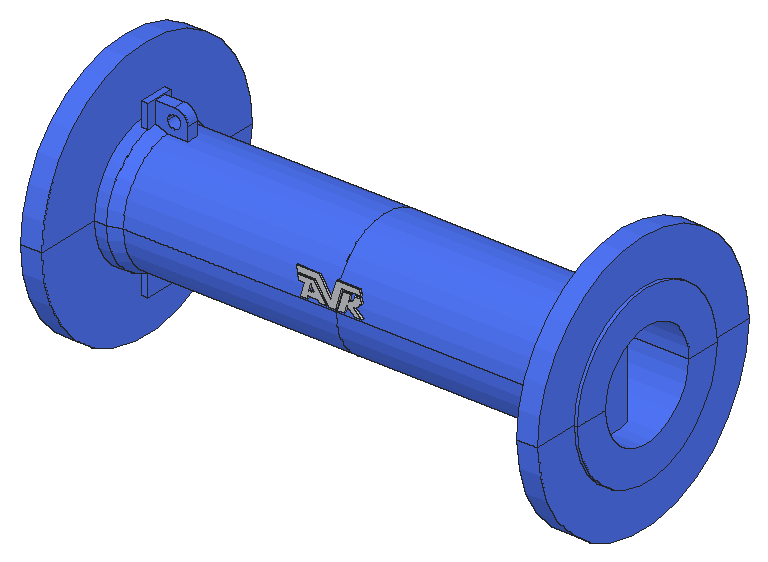
Revit family "712-4620-001-DN80-150", category Pipe Accessories, Revit 2019
Family settings
  Round Connector Dimension = Use Diameter
  Part Type = Valve - Breaks Into
  Work Plane-Based = No
  Always vertical = Yes
  Cut with Voids When Loaded = No
  Shared = No
Parameters (values of type "DN080_PN10/16")
  Search_Table = "712-4620-001-DN80-150"
  Rf_Dia = size_lookup(Search_Table, "Rf_Dia", 0 mm, [Nominal Diameter (DN)]) / 2  # 66 mm
  RF_Thick = 3 mm  # constant formula
  L = 400 mm  # constant formula
  ID(Radius) = [Nominal Diameter (DN)] / 2  # 40 mm
  Flange_thickness = size_lookup(Search_Table, "Flange_thickness", 0 mm, [Nominal Diameter (DN)])  # 19 mm
  Nominal Diameter (DN) = 80 mm
  FOD = size_lookup(Search_Table, "FOD", 0 mm, [Nominal Diameter (DN)]) / 2  # 100 mm
  URL product pages = "https://www.avkvalves.com/P.aspx?no=712008046201"
  Description_ = "AVK FLANGED PIPE W/LOOSE FLANGES"
  DN150_PN10/16 = "712-0150-46-201"
  DN100_PN10/16 = "712-0100-46-201"
  DN080_PN10/16 = "712-0080-46-201"
  Body_wallthickness = 10 mm  # constant formula
Types (4, lengths in mm): name | Rf_Dia | ID(Radius) | Flange_thickness | Nominal Diameter (DN) | FOD
  (no name) | 66 | 40 | 19 | 80 | 100
  DN080_PN10/16 | 66 | 40 | 19 | 80 | 100
  DN100_PN10/16 | 78 | 50 | 19 | 100 | 110
  DN150_PN10/16 | 105.5 | 75 | 20 | 150 | 142.5
Reference planes
  plane 1 "Center (Front/Back)": y = 0
  plane 2: z = 0
  plane 3 "Center (Left/Right)": x = 0
  plane 4: y = 40
  plane 5: x = -200
  plane 6: x = -181
  plane 7: x = 181
  plane 8: x = 200
  plane 9: y = 50
  plane 10: y = 100
Forms (mm)
  Revolve 1, solid, material "Plastic"
    sketch origin (0, 0, 0) x (1, 0, 0) y (0, 1, 0)
      loop
        line (-181, 100) -> (-200, 100) -> (-200, 40) -> (200, 40) -> (200, 100) -> (181, 100) -> (181, 50) -> (171, 50) -> (161.603, 46.58) -> (0, 46.58) -> (-161.603, 46.58) -> (-171, 50) -> (-181, 50) -> (-181, 100)
      axis (-200, 0) -> (200, 0)
    angle from 0 to 360
  Revolve 2, void
    sketch origin (0, 0, 0) x (1, 0, 0) y (0, 1, 0)
      loop
        line (200, 100) -> (197, 100) -> (197, 66) -> (200, 66) -> (200, 100)
      loop
        line (-200, 100) -> (-200, 66) -> (-197, 66) -> (-197, 100) -> (-200, 100)
      axis (-200, 0) -> (200, 0)
    angle from 0 to 360
  Extrusion 3, solid, material "Plastic"
    sketch origin (0, 0, 0) x (1, 0, 0) y (0, 1, 0)
      loop
        line (-171, 10.941) -> (-176, 10.941) -> (-176, -10.941) -> (-171, -10.941) -> (-171, 10.941)
      loop
        line (171, 10.941) -> (171, -10.941) -> (176, -10.941) -> (176, 10.941) -> (171, 10.941)
    from -66 to 66
  Extrusion 4, solid, material "Plastic"
    sketch origin (0, 0, 0) x (1, 0, 0) y (0, 0, 1)
      loop
        line (-171, 66) -> (-171, 40) -> (-146, 40) -> (-146, 56)
        arc (-146, 56) -> (-148.929, 63.071) -> (-156, 66) r 10
        line (-156, 66) -> (-171, 66)
      loop
        circle (-156, 56) r 5
    from -4.365 to 4.365
Cuts and joins
  Revolve 2 cuts Revolve 1
Dimensions and locks
  "Flange_thickness": plane 7 to plane 8
  equal spacing: plane 5, plane 3 "Center (Left/Right)", plane 8
  "L": plane 5 to plane 8
  "ID(Radius)": plane 1 "Center (Front/Back)" to plane 4
  "Flange_thickness": plane 5 to plane 6
  "Body_wallthickness": plane 9 to plane 4
  "FOD": plane 1 "Center (Front/Back)" to plane 10
  "RF_Thick": Revolve 2 sketch curve to Revolve 2 sketch curve
  "Rf_Dia": plane 1 "Center (Front/Back)" to Revolve 2 sketch curve
  "FOD": plane 1 "Center (Front/Back)" to Revolve 2 sketch curve
  "RF_Thick": Revolve 1 to Revolve 2 sketch curve
  equal spacing: Extrusion 3 sketch curve, plane 1 "Center (Front/Back)", Extrusion 3 sketch curve  (x2)
  locked: Extrusion 3 sketch curve to Extrusion 3 sketch curve at 5
  Extrusion 3 sketch curve to Extrusion 3 sketch curve = 5 mm
  "Rf_Dia": Extrusion 3 to level
  "Rf_Dia": level to Extrusion 3
  "ID(Radius)": Extrusion 4 sketch curve to level
  equal spacing: Extrusion 4, plane 1 "Center (Front/Back)", Extrusion 4
  locked: Extrusion 4 to Extrusion 4 at 8.729
  cut or joined group of Revolve 1, Revolve 2 to cut or joined group of Revolve 1, Revolve 2 = 400 mm
  aligned and locked: level to plane 2
  aligned and locked: plane 5 to Revolve 1 sketch curve
  aligned and locked: plane 6 to Revolve 1 sketch curve
  aligned and locked: plane 7 to Revolve 1 sketch curve
  aligned and locked: plane 8 to Revolve 1 sketch curve
  aligned and locked: plane 10 to Revolve 1 sketch curve  (x2)
  aligned and locked: Revolve 1 sketch curve to plane 10
  aligned and locked: plane 1 "Center (Front/Back)" to Revolve 1 sketch curve
  aligned and locked: Revolve 2 sketch curve to Revolve 1  (x2)
  aligned and locked: Revolve 2 sketch curve to Revolve 2 sketch curve  (x2)
  aligned and locked: plane 1 "Center (Front/Back)" to Revolve 2 sketch curve
  aligned and locked: Extrusion 3 sketch curve to cut or joined group of Revolve 1, Revolve 2  (x2)
  aligned and locked: Extrusion 3 sketch curve to Extrusion 3 sketch curve
  aligned and locked: Extrusion 3 to Extrusion 4 sketch curve
  aligned and locked: Extrusion 4 sketch curve to Extrusion 3
Automatic sketch dimensions
  plane 1 "Center (Front/Back)" to Extrusion 3 sketch curve = 10.941 mm
  Revolve 1 sketch curve to plane 9 = 0 mm
  Revolve 1 sketch curve to plane 3 "Center (Left/Right)" = 0 mm
  plane 9 to Revolve 1 sketch curve = 0 mm
  Revolve 1 sketch curve to plane 4 = 0 mm
  Revolve 1 sketch curve to Revolve 1 sketch curve = 10 mm
  Revolve 1 sketch curve to plane 9 = 3.42 mm
  Revolve 1 sketch curve to Revolve 1 sketch curve = 9.397 mm
  Revolve 1 sketch curve to plane 7 = 19.397 mm
  Revolve 1 sketch curve to plane 7 = 10 mm
  plane 6 to Revolve 1 sketch curve = 11 mm
  plane 3 "Center (Left/Right)" to Revolve 1 sketch curve = 15 mm
  Revolve 2 sketch curve to plane 3 "Center (Left/Right)" = 7 mm
  plane 3 "Center (Left/Right)" to Revolve 2 sketch curve = 18 mm
  Extrusion 4 sketch curve to Extrusion 4 sketch curve = 0 mm  (x2)
  Extrusion 4 sketch curve to Extrusion 4 sketch curve = 15 mm
  Extrusion 4 sketch curve to Extrusion 4 sketch curve = 10 mm
  radius of Extrusion 4 sketch curve = 5 mm
Nested families
  nested 1: "LOGO - Copy - Copy - Copy - Copy" at (-0.555, -45.917, -7.828) x (1, 0, 0) z (0, -0.9858, -0.1681), type "LOGO - Copy - Copy - Copy - Copy"
Connectors
  piping at (200, 0, 0), diameter 80, driven by "Nominal Diameter (DN)"
    settings: on Revolve 1, index 1, connector inside diameter 609.6 mm, connector length 0 mm, flow factor 0, pipe flow 0.0 L/s, pressure drop 0.0 Pa, fitting loss kfactor 0, connector angle 0.00°, fixture units 0, engagement length 0 mm, angle of deflection 0.00°, flow configuration 0, flow direction 0, fitting loss method 0, system type 7, joint type 0, gender type 0, connector reference index -1, connector utility 0, adjustable connector no, is connector primary yes, connector description ""
  piping at (-200, 0, 0), diameter 80, driven by "Nominal Diameter (DN)"
    settings: on Revolve 1, index 2, connector inside diameter 609.6 mm, connector length 0 mm, flow factor 0, pipe flow 0.0 L/s, pressure drop 0.0 Pa, fitting loss kfactor 0, connector angle 0.00°, fixture units 0, engagement length 0 mm, angle of deflection 0.00°, flow configuration 0, flow direction 0, fitting loss method 0, system type 7, joint type 0, gender type 0, connector reference index -1, connector utility 0, adjustable connector no, is connector primary no, connector description ""
Definition of nested family "LOGO - Copy - Copy - Copy - Copy"
  Parameters (values of type "LOGO - Copy - Copy - Copy - Copy")
    Default Elevation = 1219.2 mm
  Reference planes
    plane 1 "Center (Front/Back)": y = 0
    plane 2: z = 0
    plane 3 "Center (Left/Right)": x = 0
  Forms (mm)
    Extrusion 1, solid
      sketch origin (0, 0, 0) x (1, 0, 0) y (0, 1, 0)
        loop
          line (-1219.2, 1219.2) -> (-1219.2, -1219.2) -> (1219.2, -1219.2) -> (1219.2, 1219.2) -> (-1219.2, 1219.2)
      from 0 to -304.8
    Extrusion 2, solid
      sketch origin (0, 0, 0) x (1, 0, 0) y (0, 1, 0)
        loop
          line (-6.514, 34.224) -> (-24, 34.224) -> (-24, 29.481) -> (-9.766, 29.481) -> (-2.391, 11.367) -> (2.391, 11.367) -> (9.766, 29.481) -> (24, 29.481) -> (24, 34.224) -> (6.514, 34.224) -> (0, 18.224) -> (-6.514, 34.224)
        loop
          line (-10.996, 27.653) -> (-24, 27.653) -> (-24, 23.081) -> (-19.503, 23.081) -> (-24, 11.367) -> (-18.92, 11.367) -> (-17.955, 13.881) -> (-10.51, 13.881) -> (-9.486, 11.367) -> (-4.365, 11.367) -> (-10.996, 27.653)
        loop
          line (-16.777, 18.224) -> (-12.278, 18.224) -> (-14.594, 23.912) -> (-16.777, 18.224)
        loop
          line (4.365, 11.367) -> (9.486, 11.367) -> (12.093, 17.77) -> (16.918, 11.367) -> (22.857, 11.367) -> (17.399, 18.61)
          arc (17.399, 18.61) -> (20.583, 20.18) -> (22.629, 23.081) r 7.2
          line (22.629, 23.081) -> (24, 23.081) -> (24, 27.653) -> (19.429, 27.653)
          arc (19.429, 27.653) -> (17.763, 23.526) -> (13.699, 21.714) r 5.943
          line (13.699, 21.714) -> (16.117, 27.653) -> (10.996, 27.653) -> (4.365, 11.367)
      from 0 to 1
  Dimensions and locks
    aligned and locked: plane 2 to Extrusion 1
    aligned and locked: level to Extrusion 1
    aligned and locked: Extrusion 2 sketch curve to import instance
